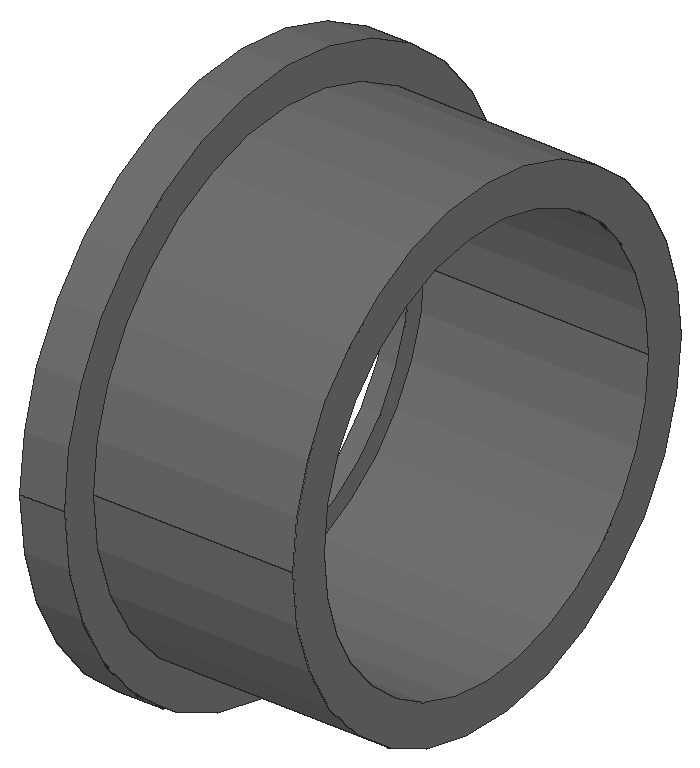
Revit family "COMER_ST10_U-PVC бурт под фланец с гладкой поверхностью red", category Соединительные детали трубопроводов, Revit 2025
Family settings
  Размер круглого соединителя = Использовать диаметр
  Тип детали = Фланец
  Номер OmniClass = 23.60.30.11.14
  Заголовок OmniClass = Pipework Fittings
  На основе рабочей плоскости = Нет
  Всегда вертикально = Да
  При загрузке вырезать с полостями = Нет
  Общий = Да
Parameters (values of type "DN20 - DN225")
  Экспорт типа в IFC как = "IfcPipeFittingType"
  Тип: предварительно заданный тип IFC = "TRANSITION"
  Отметка по умолчанию = 0 mm
  Масса [instance] = size_lookup(lookup_table_name, "Масса", 0.00 kg, DN1)  # 0.42 kg
  use_larger_diameter [instance] = no
  type_index = 0
  region_index = 0
  product_index [instance] = 0  # constant formula
  lookup_table_name [instance] = "ST10_U-PVC бурт под фланей с гладкой поверхностью"  # constant formula
  item_description [instance] = Описание  # "Бурт под фланец н-ПВХ с гладкой поверхностью"
  increase [instance] = no
  connection_diameter1 [instance] = 110 mm
  catalog_code [instance] = size_lookup(lookup_table_name, "", "0", DN1)  # "ST101100"
  bigger_diameter_available [instance] = no
  Z_DN [instance] = -Z  # -5 mm
  Z [instance] = size_lookup(lookup_table_name, "Z", size_lookup(lookup_table_name, "Z", 0 mm, 15 mm), DN1)  # 5 mm
  URL = "http://www.innoformula.ru"
  Комментарии к типоразмеру = "Бурт под фланец н-ПВХ под клеевое соединение с гладкой поверхностью, метрическа серия - d20 - d225: Sealing surface flat -  - Gasket: profile flange gasket EPDM code no. 748 440 705-725, FKM code no. 749 440 705-725 or flat gasket EPDM code no. 748 440 705-725, only use O-ring EPDM code no. 748 410 000-174, FKM code no. 749 410 000-174 in combination with conterpart flange adaptor code no. 721 810 105-123 - Flange: PVC-U code no. 721 700 005-140, PP with steel ring code no. 727 700 206-225, backing flange PP-V for socket systems metric code no. 727 700 406-425"  # constant formula
  RSen_C_product_assortment = "PVC-U System"  # constant formula
  RSen_C_pressure_class [instance] = if(DN1 > 250 mm, "6 bar", if(DN1 > 150 mm, "10 bar", "16 bar"))  # "16 bar"
  RSen_P_c02_connection_type = "Flange"  # constant formula
  RSen_P_c01_diameter [instance] = DN1  # 110 mm
  RSen_P_c01_connection_type = "Solvent Socket"  # constant formula
  RSen_C_product_description [instance] = item_description  # "Бурт под фланец н-ПВХ с гладкой поверхностью"
  RSen_C_material = PVC-U, Grey
  RSen_C_level_of_development = "LOD 400"  # constant formula
  RSen_C_material_colour = "PVC-U, grey"  # constant formula
  RSen_C_intended_use = "Применение: химическая промышленность, водоснабжение, ситемы ирригационных сооружений, транспортировка жидкостей под давлением до 16 бар"  # constant formula
  RSen_C_content_version = "1.0"  # constant formula
  RSen_C_content_releasedate = ""
  RSen_C_content_modification_date = ""  # constant formula
  RSen_C_content_creator = "COMER S.p.A."  # constant formula
  RSen_C_code_manufacturer_product [instance] = catalog_code  # "ST101100"
  RSen_C_code_manufacturer_gln = "7612988000007"  # constant formula
  RSen_C_code_gtin [instance] = size_lookup(lookup_table_name, "", "0", DN1)  # "ST101100"
  RSen_C_code_ETIM_url = "https://prod.etim-international.com/Class/Details?classId=EC003024&classVersion=1"
  RSen_C_code_ETIM = "EC003024"  # constant formula
  P [instance] = size_lookup(lookup_table_name, "P", size_lookup(lookup_table_name, "P", 0 mm, 15 mm), DN1)  # 61 mm
  Модель = "Фланцы"  # constant formula
  Manufacturers Telephone Number = "Тлф. производителя"  # constant formula
  Manufacturers Email = "E-mail производителя"  # constant formula
  Manufacturers Address = "Адрес производителя"  # constant formula
  Изготовитель = "COMER S.p.A."  # constant formula
  L [instance] = P + Z  # 66 mm
  built-in parameter 1114238 [instance] = (empty or 0)
  IfcExportType = "TRANSITION"  # constant formula
  IfcExportAs = "IfcPipeFittingType"  # constant formula
  IfcDescription = Описание  # "Бурт под фланец н-ПВХ с гладкой поверхностью"
  RSen_C_code_ETIM_MC = "MC000015"  # constant formula
  b [instance] = size_lookup(lookup_table_name, "b", size_lookup(lookup_table_name, "b", 0 mm, 15 mm), DN1)  # 12 mm
  Dr1 [instance] = size_lookup(lookup_table_name, "Dr1", size_lookup(lookup_table_name, "Dr1", 0 mm, 15 mm), DN1)  # 131 mm
  Do1 [instance] = size_lookup(lookup_table_name, "Do1", size_lookup(lookup_table_name, "Do1", 0 mm, 15 mm), DN1)  # 110 mm
  Описание = "Бурт под фланец н-ПВХ с гладкой поверхностью"  # constant formula
  DN1 [instance] = connection_diameter1  # 110 mm
  DN [instance] = size_lookup(lookup_table_name, "DN", size_lookup(lookup_table_name, "DN", 0 mm, 15 mm), DN1)  # 100 mm
  D [instance] = size_lookup(lookup_table_name, "D", size_lookup(lookup_table_name, "D", 0 mm, 15 mm), DN1)  # 150 mm
  ClassificationValue = "Pr_65_52_07_87"  # constant formula
  ClassificationName = "Uniclass2015"  # constant formula
  COBie.Type.WarrantyGuarantorParts = "N/A"  # constant formula
  COBie.Type.WarrantyGuarantorLabor = "N/A"  # constant formula
  COBie.Type.WarrantyDurationUnit = "N/A"  # constant formula
  COBie.Type.WarrantyDurationParts = "N/A"  # constant formula
  COBie.Type.WarrantyDurationLabor = "N/A"  # constant formula
  COBie.Type.WarrantyDescription = "N/A"  # constant formula
  COBie.Type.SustainabilityPerformance = "N/A"  # constant formula
  COBie.Type.Size = "N/A"  # constant formula
  COBie.Type.Shape = "Other"  # constant formula
  COBie.Type.ReplacementCost = 0
  COBie.Type.NominalWidth = 0 mm
  COBie.Type.NominalLength = 0 mm
  COBie.Type.NominalHeight = 0 mm
  COBie.Type.Name [instance] = item_description  # "Бурт под фланец н-ПВХ с гладкой поверхностью"
  COBie.Type.ModelReference = Модель  # "Фланцы"
  COBie.Type.ModelNumber [instance] = catalog_code  # "ST101100"
  COBie.Type.Material = "Непластифицированный ПВХ"  # constant formula
  COBie.Type.Manufacturer = Изготовитель  # "COMER S.p.A."
  COBie.Type.Grade = "3"  # constant formula
  COBie.Type.Finish = "N/A"  # constant formula
  COBie.Type.Features = "N/A"  # constant formula
  COBie.Type.ExpectedLife = "N/A"  # constant formula
  COBie.Type.DurationUnit = "Years"  # constant formula
  COBie.Type.Description = Описание  # "Бурт под фланец н-ПВХ с гладкой поверхностью"
  COBie.Type.CreatedOn = ""  # constant formula
  COBie.Type.CreatedBy = "COMER S.p.A."  # constant formula
  COBie.Type.Constituents = "N/A"  # constant formula
  COBie.Type.Color = "Grey, dark"  # constant formula
  COBie.Type.CodePerformance = "N/A"  # constant formula
  COBie.Type.Category = "23.60.30.11.14 - Pipework Fittings"  # constant formula
  COBie.Type.AssetType = "Fixed"  # constant formula
  COBie.Type.Area = 0.00 m²
  COBie.Type.AccessibilityPerformance = "N/A"  # constant formula
  BIMObjectName = "Pr_65_52_07_87-M3-PVC-U System stub metric-LOD400"  # constant formula
  ADSK_Наименование [instance] = size_lookup(lookup_table_name, "name", "0", DN1)  # "Бурт под фланец н-ПВХ с гладкой поверхностью d110 PN16"
  ADSK_Масса_кг [instance] = Масса  # 0.42 kg
Reference planes
  plane 1 "Center (Front/Back)": y = 0
  plane 2: z = 0
  plane 3 "Center (Left/Right)": x = 0
  plane 4: y = 0
  plane 5: z = 0
Forms (mm)
  Extrusion 1, solid, material "PVC-U, Grey" <- "RSen_C_material", detail levels fine
    sketch origin (0, 0, 0) x (0, 1, 0) y (0, 0, 1)
      loop
        circle (0, 0) r 75
    from 0 to 12 <- "b"
  Extrusion 2, solid, material "PVC-U, Grey" <- "RSen_C_material", detail levels fine
    sketch origin (0, 0, 0) x (0, 1, 0) y (0, 0, 1)
      loop
        circle (0, 0) r 65.5
    from 0 to 66 <- "L"
  Extrusion 3, void
    sketch origin (66, 0, 0) x (0, -1, 0) y (0, 0, 1)
      loop
        circle (0, 0) r 55
    from 0 to 61 <- "P"
  Extrusion 4, void
    sketch origin (0, 0, 0) x (0, -1, 0) y (0, 0, 1)
      loop
        circle (0, 0) r 50
    from 0 to -5 <- "Z_DN"
Cuts and joins
  Extrusion 3, Extrusion 4 cuts Extrusion 1
  Extrusion 3, Extrusion 4 cuts Extrusion 2
  joined: Extrusion 1, Extrusion 2
Lines and regions (mm)
  reference lines
    curve 1: line (0, 0, 0) -> (5, 0, 0)
  model lines, style "PipeFittingCenterLine", detail levels coarse+medium
    curve 2: line (0, 0, 0) -> (5, 0, 0)
Dimensions and locks
  "Z": plane 3 "Center (Left/Right)" to curve 1
  "Z": plane 3 "Center (Left/Right)" to curve 2
  "D": diameter of Extrusion 1 sketch curve
  "Dr1": diameter of Extrusion 2 sketch curve
  "Do1": diameter of Extrusion 3 sketch curve
  "DN": diameter of Extrusion 4 sketch curve
  aligned and locked: level to plane 2
  aligned and locked: plane 3 "Center (Left/Right)" to curve 2
  aligned and locked: plane 1 "Center (Front/Back)" to curve 2
Automatic sketch dimensions
  plane 1 "Center (Front/Back)" to curve 1 = 0 mm
  curve 1 to plane 3 "Center (Left/Right)" = 0 mm
  Extrusion 1 sketch curve to level = 0 mm
  Extrusion 1 sketch curve to plane 1 "Center (Front/Back)" = 0 mm
  Extrusion 2 sketch curve to level = 0 mm
  Extrusion 2 sketch curve to plane 1 "Center (Front/Back)" = 0 mm
  Extrusion 4 sketch curve to level = 0 mm
  Extrusion 4 sketch curve to plane 1 "Center (Front/Back)" = 0 mm
Nested families
  nested 1: "warning_cross" at (0, -198, 0), type "warning_cross"
    with warning_text "", dikte 132 mm, diameter 110 mm, WARNING no, ERROR yes
Connectors
  piping at (5, 0, 0), diameter 110, driven by "connection_diameter1"
    settings: on curve 1, index 2, connector inside diameter 609.6 mm, connector length 0 mm, flow factor 0, pipe flow 0.0 L/s, pressure drop 0.0 Pa, fitting loss kfactor 0, connector angle 0.00°, fixture units 0, engagement length 0 mm, angle of deflection 0.00°, flow configuration 0, flow direction 0, fitting loss method 0, system type 28, joint type 0, gender type 0, connector reference index 3, connector utility 0, adjustable connector no, is connector primary yes, connector description ""
  piping at (0, 0, 0), diameter 110, driven by "connection_diameter1"
    settings: on cut or joined group of Extrusion 1, Extrusion 2, Extrusion 3, Extrusion 4, index 3, connector inside diameter 609.6 mm, connector length 0 mm, flow factor 0, pipe flow 0.0 L/s, pressure drop 0.0 Pa, fitting loss kfactor 0, connector angle 0.00°, fixture units 0, engagement length 0 mm, angle of deflection 0.00°, flow configuration 0, flow direction 0, fitting loss method 0, system type 7, joint type 0, gender type 0, connector reference index 2, connector utility 0, adjustable connector no, is connector primary no, connector description ""
Definition of nested family "warning_cross"
  Parameters (values of type "warning_cross")
    Default Elevation = 0 mm
    warning_text [instance] = ""
    material = none
    dikte [instance] = diameter * 1.2  # 132 mm
    diameter [instance] = 110 mm
    WARNING [instance] = yes
    Type Comments = "Do not count in schedules"
    Model = "LOD400"  # constant formula
    ERROR [instance] = yes
  Reference planes
    plane 1 "Center (Front/Back)": y = 0
    plane 2: z = 0
    plane 3 "Center (Left/Right)": x = 0
    plane 4: z = -66
    plane 5: z = 66
    plane 6: y = 132
    plane 7: y = 264
    plane 8: y = 198
  Text (mm)
    text "®  Itannex" at (-0.074, 40.744, 0), in view "Ref. Level"
  Dimensions and locks
    equal spacing: plane 5, plane 2, plane 4
    "dikte": plane 5 to plane 4
    "dikte": plane 6 to plane 1 "Center (Front/Back)"
    "dikte": plane 7 to plane 6
    equal spacing: plane 7, plane 8, plane 6
    aligned and locked: level to plane 2
    aligned and locked: text3d elem to plane 4
